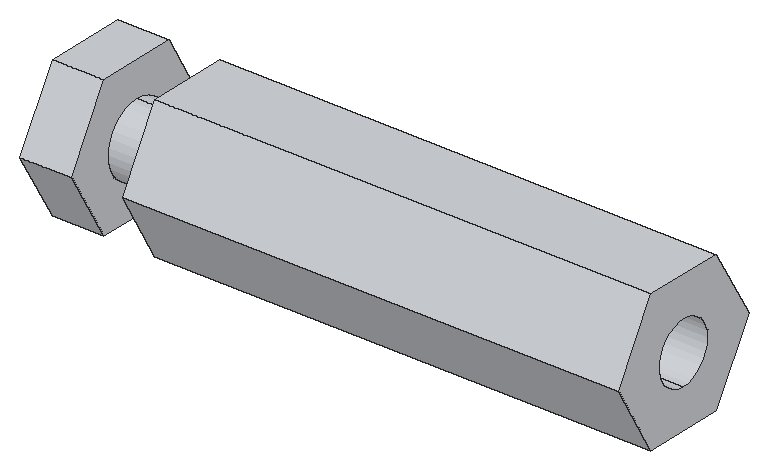
Revit family "TR3105", category Verbindungsmittel, Revit 2021
Family settings
  OmniClass-Nummer = 23.25.10.27.11.21
  OmniClass-Titel = Reinforcement Couplers
  Arbeitsebenenbasiert = Nein
  Immer vertikal = Nein
  Beim Laden mit Abzugskörper schneiden = Nein
  Gemeinsam genutzt = Nein
Parameters (values of type "TR 3105-ø18")
  URL = "http//:www.annahuette.com"
  Typenkommentare = "TR 3105 - Spannschloss"
  Typenbild = TR3105.png
  TR3105_Vis = yes
  TR3105-ød = 18 mm
  TR3105-minA = 30 mm
  TR3105-G_Vis = [TR3105-G] = [TR3105-G]  # yes
  TR3105-G = 1.34 kg
  TR3014-SW = 41 mm
  TR3014-L2 = 45 mm
  TR3014-L1 = 50 mm
  TR3014-L = 145 mm
  TR3013-ød = [TR3105-ød] + 3 mm  # 21 mm
  TR3013-SW = 41 mm
  TR3013-Lw = 60 mm
  TR3013-Lm = 45 mm
  TR3013-L0 = [TR3013-Lw] - [TR3013-Lm]  # 15 mm
  Stabgröße 2 = SAS 670 - ø18
  Stabgröße 1 = SAS 670 - ø18
  Pos_TR3014 = [TR3014-L] / 2  # 72.5 mm
  Modell = "TR 3105=TR3014+TR3013"
  Körper = if([TR3105-G_Vis], [TR3105-G], 0.00 kg)  # 1,34 kg
  Hersteller = "Stahlwerk Annahütte Max Aicher GmbH Co.KG"
  Gesamtlänge = [TR3014-L] + [TR3013-Lw] - [TR3105-minA]  # 175 mm
  Endenbearbeitung 2 = Mit Gewinde
  Endenbearbeitung 1 = Mit Gewinde
  Einfassung Stab 2 = if(TR3105_Vis, [TR3013-Lw], 0 mm)  # 60 mm
  Einfassung Stab 1 = if(TR3105_Vis, [TR3014-L1], 0 mm)  # 50 mm
  Beschreibung = "TR3105-ø18"
  Außendurchmesser = if(TR3105_Vis, [TR3014-SW], 0 mm)  # 41 mm
Types (11, lengths in mm): name | TR3105-ød | TR3105-minA | TR3105-G | TR3014-SW | TR3014-L2 | TR3014-L1 | TR3014-L | TR3013-ød | TR3013-SW | TR3013-Lw | TR3013-Lm | TR3013-L0 | Stabgröße 2 | Stabgröße 1 | Pos_TR3014 | Körper | Gesamtlänge | Einfassung Stab 2 | Einfassung Stab 1 | Beschreibung | Außendurchmesser
  (no name) | 18 | 30 | 1.34 kg | 41 | 45 | 50 | 145 | 21 | 41 | 60 | 45 | 15 | SAS 670 - ø18 | SAS 670 - ø18 | 72.5 | 1.34 (stored number, unit not read) | 175 | 60 | 50 | "TR3105-ø18" | 41
  TR 3105-ø18 | 18 | 30 | 1.34 kg | 41 | 45 | 50 | 145 | 21 | 41 | 60 | 45 | 15 | SAS 670 - ø18 | SAS 670 - ø18 | 72.5 | 1,34 kg | 175 | 60 | 50 | "TR3105-ø18" | 41
  TR 3105-ø22 | 22 | 35 | 1.78 kg | 46 | 50 | 55 | 160 | 25 | 46 | 65 | 50 | 15 | SAS 670 - ø22 | SAS 670 - ø22 | 80 | 1,78 kg | 190 | 65 | 55 | "TR3105-ø22" | 46
  TR 3105-ø25 | 25 | 40 | 2.94 kg | 55 | 55 | 60 | 175 | 28 | 55 | 70 | 55 | 15 | SAS 670 - ø25 | SAS 670 - ø25 | 87.5 | 2,94 kg | 205 | 70 | 60 | "TR3105-ø25" | 55
  TR 3105-ø28 | 28 | 45 | 3.74 kg | 50 | 60 | 65 | 190 | 31 | 60 | 80 | 60 | 20 | SAS 670 - ø28 | SAS 670 - ø28 | 95 | 3,74 kg | 225 | 80 | 65 | "TR3105-ø28" | 50
  TR 3105-ø30 | 30 | 50 | 5.11 kg | 65 | 65 | 70 | 215 | 33 | 65 | 95 | 70 | 25 | SAS 670 - ø30 | SAS 670 - ø30 | 107.5 | 5,11 kg | 260 | 95 | 70 | "TR3105-ø30" | 65
  TR 3105-ø35 | 35 | 55 | 8.27 kg | 80 | 75 | 75 | 230 | 38 | 80 | 100 | 75 | 25 | SAS 670 - ø35 | SAS 670 - ø35 | 115 | 8,27 kg | 275 | 100 | 75 | "TR3105-ø35" | 80
  TR 3105-ø43 | 43 | 60 | 15.14 kg | 90 | 90 | 100 | 280 | 46 | 90 | 115 | 90 | 25 | SAS 670 - ø43 | SAS 670 - ø43 | 140 | 15,14 kg | 335 | 115 | 100 | "TR3105-ø43" | 90
  TR 3105-ø50 | 50 | 75 | 19.04 kg | 100 | 100 | 100 | 300 | 53 | 75 | 125 | 100 | 25 | SAS 670 - ø50 | SAS 670 - ø50 | 150 | 19,04 kg | 350 | 125 | 100 | "TR3105-ø50" | 100
  TR 3105-ø57,5 | 57.5 | 75 | 24.46 kg | 100 | 100 | 125 | 345 | 60.5 | 100 | 135 | 100 | 35 | SAS 670 - ø57,5 | SAS 670 - ø57,5 | 172.5 | 24,46 kg | 405 | 135 | 125 | "TR3105-ø57,5" | 100
  TR 3105-ø63,5 | 43 | 80 | 21.56 kg | 100 | 105 | 140 | 365 | 46 | 100 | 140 | 105 | 35 | SAS 670 - ø63,5 | SAS 670 - ø63,5 | 182.5 | 21,56 kg | 425 | 140 | 140 | "TR3105-ø63,5" | 100
Reference planes
  plane 1: y = 0
  plane 2: z = 0
  plane 3: x = 0
  plane 4: through (-1200, 0, 0) normal (0, -0.866, -0.5)
  plane 5: through (-1200, 0, 0) normal (0, -0.866, 0.5)
  plane 6: through (-1294.845, 0, 0) normal (0, -0.866, -0.5)
  plane 7: through (-1294.845, 0, 0) normal (0, -0.866, 0.5)
Forms (mm)
  Extrusion 1, solid
    sketch origin (0, 0, 0) x (0, 0, 1) y (0, 1, 0)
      loop
        line (-20.5, -11.836) -> (0, -23.671) -> (20.5, -11.836) -> (20.5, 11.836) -> (0, 23.671) -> (-20.5, 11.836) -> (-20.5, -11.836)
      loop
        circle (0, 0) r 9
    from 72.5 to -72.5
  Extrusion 2, solid
    sketch origin (-94.845, 0, 0) x (0, 0, 1) y (0, 1, 0)
      loop
        line (-20.5, -11.836) -> (0, -23.671) -> (20.5, -11.836) -> (20.5, 11.836) -> (0, 23.671) -> (-20.5, 11.836) -> (-20.5, -11.836)
      loop
        circle (0, 0) r 9
    from -7.345 to 7.655
  Extrusion 3, solid
    sketch origin (30.155, 0, 0) x (0, 0, 1) y (0, 1, 0)
      loop
        circle (0, 0) r 10.5
      loop
        circle (0, 0) r 9
    from 72.655 to 132.655
Dimensions and locks
  "TR3014-SW": Extrusion 1 sketch curve to Extrusion 1 sketch curve  (x3)
  "TR3014-L": Extrusion 1 to Extrusion 1
  "Pos_TR3014": plane 3 to Extrusion 1
  "TR3013-SW": Extrusion 2 sketch curve to Extrusion 2 sketch curve  (x3)
  "TR3105-minA": Extrusion 1 to Extrusion 3
  "TR3013-Lw": Extrusion 2 to Extrusion 3
  "TR3013-Lm": Extrusion 2 to Extrusion 3
  "TR3013-Lw": Extrusion 3 to Extrusion 3
  "TR3105-ød": diameter of Extrusion 1 sketch curve
  "TR3105-ød": diameter of Extrusion 2 sketch curve
  "TR3013-ød": diameter of Extrusion 3 sketch curve
  "TR3105-ød": diameter of Extrusion 3 sketch curve
  angle plane 4 to plane 5 = 60.00°
  locked: plane 6 to plane 7 (angle 60.00°)
Automatic sketch dimensions
  plane 4 to Extrusion 1 sketch curve = 0 mm  (x2)
  Extrusion 1 sketch curve to plane 5 = 0 mm
  Extrusion 1 sketch curve to level = 0 mm  (x3)
  Extrusion 1 sketch curve to plane 1 = 0 mm
  plane 6 to Extrusion 2 sketch curve = 0 mm  (x2)
  Extrusion 2 sketch curve to plane 7 = 0 mm
  Extrusion 2 sketch curve to level = 0 mm  (x3)
  Extrusion 2 sketch curve to plane 1 = 0 mm
  Extrusion 3 sketch curve to Extrusion 3 sketch curve = 0 mm  (x2)
  Extrusion 3 sketch curve to level = 0 mm
  Extrusion 3 sketch curve to plane 1 = 0 mm
